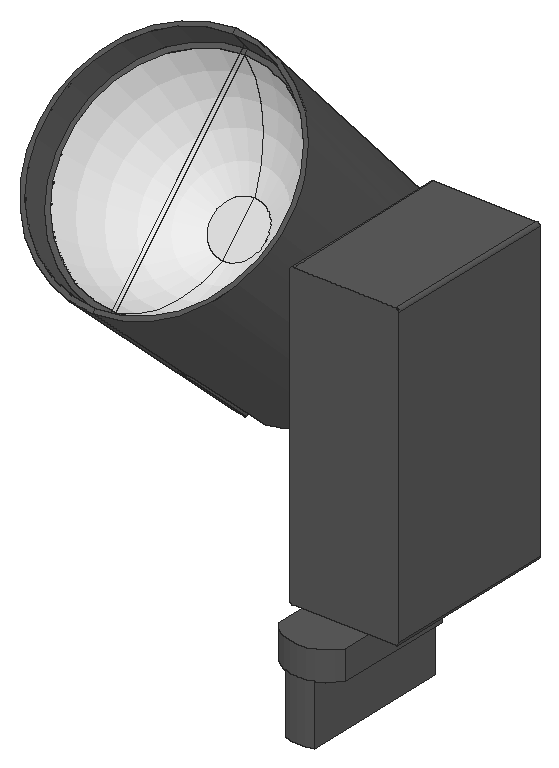
Revit family "0004943 Feilo Sylvania Lighting Fixture START TRACK SPOT L DALI 3306LM 930 MB BLK", category Lighting Fixtures, host Face, Revit 2017 (continued)
Definition of nested family "Start Track Spot Head"
  Types (96, lengths in mm): name | Wattage | built-in parameter 1150134 | Photometric Web File | Model | built-in parameter 1150105 | Lumens | built-in parameter 1150107 | built-in parameter 1150106 | HeadThickness_FEILO | HeadRibOffset_FEILO | HeadRibDepth_FEILO | HeadRibCutWidth_FEILO | HeadRibCutOffset_FEILO | HeadReflectorRadius_FEILO | HeadReflectorOffset_FEILO | HeadLEDRadius_FEILO | HeadHeight_FEILO | HeadDiffusorOffset_FEILO | HeadDiaOut_FEILO | HeadDiaIn_FEILO | HeadAxisFromTop_FEILO | Emit from Circle Diameter | built-in parameter 1150104 | Description | Apparent Load
    0004864 START TRACK SPOT S 24W 3K RA90 WB WHITE | 24 W | (empty or 0) | "0004864.ies" | "START TRACK SPOT S 24W 3K RA90 WB WHITE" | 152.79 (stored number, unit not read) | 1920 lm | 3000 (stored number, unit not read) | 1.5279 (stored number, unit not read) | 1.5 | 4.179 | 55.714 | 7.167 | 50.87 | 50.588 | 55.714 | 9.556 | 117 | 9.435 | 86 | 77.477 | 69.354 | 77.477 | 7.4322 (stored number, unit not read) | "Integrated LED spotlight, Textured White - RAL9016, compact and minimalist design, ideal for retail applications, die-cast aluminium body, passive cooling heatsink. Beam angle: 64°, color temperature: 3000K , total system power: 24W, total fixture output: 1928 lm, LOR: 100%, colour rendering: Ra: 90 typical, LED Chromaticity: 3 step MacAdam ellipse, lifetime: >50000 hours at L70B50, energy class: A++, A+, A, IR/UV free light source without heat radiation, operating voltage: 220-240V / 50-60Hz, drive current: 600mA, electronic driver, non-dimmable, power factor: 0.95, electrical protection: Class II, Global Track 3 Phase adapter suitable for Global trac 3-circuit tracks, ingress protection rating: IP20, suitable for internal environment only, horizontal rotation: 355°, vertical tilt: 90°, dimensions: Ø86x140x200, weight: 0.966kg." | 24 VA
    0004863 START TRACK SPOT S 24W 3K RA90 MB WHITE | 24 W | (empty or 0) | "0004863.ies" | "START TRACK SPOT S 24W 3K RA90 MB WHITE" | 154.7 (stored number, unit not read) | 1944 lm | 3000 (stored number, unit not read) | 1.547 (stored number, unit not read) | 1.5 | 4.179 | 55.714 | 7.167 | 50.87 | 50.588 | 55.714 | 9.556 | 117 | 9.435 | 86 | 77.477 | 69.354 | 77.477 | 7.5251 (stored number, unit not read) | "Integrated LED spotlight, Textured White - RAL9016, compact and minimalist design, ideal for retail applications, die-cast aluminium body, passive cooling heatsink. Beam angle: 36°, color temperature: 3000K , total system power: 24W, total fixture output: 1944 lm, LOR: 100%, colour rendering: Ra: 90 typical, LED Chromaticity: 3 step MacAdam ellipse, lifetime: >50000 hours at L70B50, energy class: A++, A+, A, IR/UV free light source without heat radiation, operating voltage: 220-240V / 50-60Hz, drive current: 600mA, electronic driver, non-dimmable, power factor: 0.95, electrical protection: Class II, Global Track 3 Phase adapter suitable for Global trac 3-circuit tracks, ingress protection rating: IP20, suitable for internal environment only, horizontal rotation: 355°, vertical tilt: 90°, dimensions: Ø86x140x200, weight: 0.966kg." | 24 VA
    0004862 START TRACK SPOT S 24W 3K RA90 NB WHITE | 24 W | (empty or 0) | "0004862.ies" | "START TRACK SPOT S 24W 3K RA90 NB WHITE" | 158.52 (stored number, unit not read) | 1992 lm | 3000 (stored number, unit not read) | 1.5852 (stored number, unit not read) | 1.5 | 4.179 | 55.714 | 7.167 | 50.87 | 50.588 | 55.714 | 9.556 | 117 | 9.435 | 86 | 77.477 | 69.354 | 77.477 | 7.711 (stored number, unit not read) | "Integrated LED spotlight, Textured White - RAL9016, compact and minimalist design, ideal for retail applications, die-cast aluminium body, passive cooling heatsink. Beam angle: 12°, color temperature: 3000K , total system power: 24W, total fixture output: 1987 lm, LOR: 100%, colour rendering: Ra: 90 typical, LED Chromaticity: 3 step MacAdam ellipse, lifetime: >50000 hours at L70B50, energy class: A++, A+, A, IR/UV free light source without heat radiation, operating voltage: 220-240V / 50-60Hz, drive current: 600mA, electronic driver, non-dimmable, power factor: 0.95, electrical protection: Class II, Global Track 3 Phase adapter suitable for Global trac 3-circuit tracks, ingress protection rating: IP20, suitable for internal environment only, horizontal rotation: 355°, vertical tilt: 90°, dimensions: Ø86x140x200, weight: 0.966kg." | 24 VA
    0004861 START TRACK SPOT S 14W 3K RA90 WB WHITE | 14 W | (empty or 0) | "0004861.ies" | "START TRACK SPOT S 14W 3K RA90 WB WHITE" | 100.27 (stored number, unit not read) | 1260 lm | 3000 (stored number, unit not read) | 1.0027 (stored number, unit not read) | 1.5 | 4.179 | 55.714 | 7.167 | 50.87 | 50.588 | 55.714 | 9.556 | 117 | 9.435 | 86 | 77.477 | 69.354 | 77.477 | 8.3613 (stored number, unit not read) | "Integrated LED spotlight, Textured White - RAL9016, compact and minimalist design, ideal for retail applications, die-cast aluminium body, passive cooling heatsink. Beam angle: 64°, color temperature: 3000K , total system power: 14W, total fixture output: 1262 lm, LOR: 100%, colour rendering: Ra: 90 typical, LED Chromaticity: 3 step MacAdam ellipse, lifetime: >50000 hours at L70B50, energy class: A++, A+, A, IR/UV free light source without heat radiation, operating voltage: 220-240V / 50-60Hz, drive current: 350mA, electronic driver, non-dimmable, power factor: 0.92, electrical protection: Class II, Global Track 3 Phase adapter suitable for Global trac 3-circuit tracks, ingress protection rating: IP20, suitable for internal environment only, horizontal rotation: 355°, vertical tilt: 90°, dimensions: Ø86x140x200, weight: 0.940kg." | 14 VA
    0004860 START TRACK SPOT S 14W 3K RA90 MB WHITE | 14 W | (empty or 0) | "0004860.ies" | "START TRACK SPOT S 14W 3K RA90 MB WHITE" | 100.27 (stored number, unit not read) | 1260 lm | 3000 (stored number, unit not read) | 1.0027 (stored number, unit not read) | 1.5 | 4.179 | 55.714 | 7.167 | 50.87 | 50.588 | 55.714 | 9.556 | 117 | 9.435 | 86 | 77.477 | 69.354 | 77.477 | 8.3613 (stored number, unit not read) | "Integrated LED spotlight, Textured White - RAL9016, compact and minimalist design, ideal for retail applications, die-cast aluminium body, passive cooling heatsink. Beam angle: 36°, color temperature: 3000K , total system power: 14W, total fixture output: 1262 lm, LOR: 100%, colour rendering: Ra: 90 typical, LED Chromaticity: 3 step MacAdam ellipse, lifetime: >50000 hours at L70B50, energy class: A++, A+, A, IR/UV free light source without heat radiation, operating voltage: 220-240V / 50-60Hz, drive current: 350mA, electronic driver, non-dimmable, power factor: 0.92, electrical protection: Class II, Global Track 3 Phase adapter suitable for Global trac 3-circuit tracks, ingress protection rating: IP20, suitable for internal environment only, horizontal rotation: 355°, vertical tilt: 90°, dimensions: Ø86x140x200, weight: 0.940kg." | 14 VA
    0004859 START TRACK SPOT S 14W 3K RA90 NB WHITE | 14 W | (empty or 0) | "0004859.ies" | "START TRACK SPOT S 14W 3K RA90 NB WHITE" | 102.5 (stored number, unit not read) | 1288 lm | 3000 (stored number, unit not read) | 1.025 (stored number, unit not read) | 1.5 | 4.179 | 55.714 | 7.167 | 50.87 | 50.588 | 55.714 | 9.556 | 117 | 9.435 | 86 | 77.477 | 69.354 | 77.477 | 8.5471 (stored number, unit not read) | "Integrated LED spotlight, Textured White - RAL9016, compact and minimalist design, ideal for retail applications, die-cast aluminium body, passive cooling heatsink. Beam angle: 12°, color temperature: 3000K , total system power: 14W, total fixture output: 1284 lm, LOR: 100%, colour rendering: Ra: 90 typical, LED Chromaticity: 3 step MacAdam ellipse, lifetime: >50000 hours at L70B50, energy class: A++, A+, A, IR/UV free light source without heat radiation, operating voltage: 220-240V / 50-60Hz, drive current: 350mA, electronic driver, non-dimmable, power factor: 0.92, electrical protection: Class II, Global Track 3 Phase adapter suitable for Global trac 3-circuit tracks, ingress protection rating: IP20, suitable for internal environment only, horizontal rotation: 355°, vertical tilt: 90°, dimensions: Ø86x140x200, weight: 0.940kg." | 14 VA
    0004858 START TRACK SPOT L 55W 4K RA80 WB BLACK | 55 W | 12 | "0004858.ies" | "START TRACK SPOT L 55W 4K RA80 WB BLACK" | 424.55 (stored number, unit not read) | 5335 lm | 4000 (stored number, unit not read) | 4.2455 (stored number, unit not read) | 2 | 4.429 | 59.048 | 9.417 | 53.913 | 66.471 | 59.048 | 12.556 | 124 | 10 | 113 | 101.802 | 73.503 | 101.802 | 9.0116 (stored number, unit not read) | "Integrated LED spotlight, Textured Black - RAL9005, compact and minimalist design, ideal for retail applications, die-cast aluminium body, passive cooling heatsink. Beam angle: 52°, color temperature: 4000K , total system power: 55W, total fixture output: 5320 lm, LOR: 100%, colour rendering: Ra: 80 typical, LED Chromaticity: 3 step MacAdam ellipse, lifetime: >50000 hours at L70B50, energy class: A++, A+, A, IR/UV free light source without heat radiation, operating voltage: 220-240V / 50-60Hz, drive current: 1400mA, electronic driver, non-dimmable, power factor: 0.96, electrical protection: Class II, Global Track 3 Phase adapter suitable for Global trac 3-circuit tracks, ingress protection rating: IP20, suitable for internal environment only, horizontal rotation: 355°, vertical tilt: 90°, dimensions: Ø113x164x240, weight: 1.398kg." | 55 VA
    0004857 START TRACK SPOT L 55W 4K RA80 MB BLACK | 55 W | 12 | "0004857.ies" | "START TRACK SPOT L 55W 4K RA80 MB BLACK" | 428.92 (stored number, unit not read) | 5390 lm | 4000 (stored number, unit not read) | 4.2892 (stored number, unit not read) | 2 | 4.429 | 59.048 | 9.417 | 53.913 | 66.471 | 59.048 | 12.556 | 124 | 10 | 113 | 101.802 | 73.503 | 101.802 | 9.1045 (stored number, unit not read) | "Integrated LED spotlight, Textured Black - RAL9005, compact and minimalist design, ideal for retail applications, die-cast aluminium body, passive cooling heatsink. Beam angle: 38°, color temperature: 4000K , total system power: 55W, total fixture output: 5378 lm, LOR: 100%, colour rendering: Ra: 80 typical, LED Chromaticity: 3 step MacAdam ellipse, lifetime: >50000 hours at L70B50, energy class: A++, A+, A, IR/UV free light source without heat radiation, operating voltage: 220-240V / 50-60Hz, drive current: 1400mA, electronic driver, non-dimmable, power factor: 0.96, electrical protection: Class II, Global Track 3 Phase adapter suitable for Global trac 3-circuit tracks, ingress protection rating: IP20, suitable for internal environment only, horizontal rotation: 355°, vertical tilt: 90°, dimensions: Ø113x164x240, weight: 1.398kg." | 55 VA
    0004856 START TRACK SPOT L 55W 4K RA80 NB BLACK | 55 W | 12 | "0004856.ies" | "START TRACK SPOT L 55W 4K RA80 NB BLACK" | 433.3 (stored number, unit not read) | 5445 lm | 4000 (stored number, unit not read) | 4.333 (stored number, unit not read) | 2 | 4.429 | 59.048 | 9.417 | 53.913 | 66.471 | 59.048 | 12.556 | 124 | 10 | 113 | 101.802 | 73.503 | 101.802 | 9.1974 (stored number, unit not read) | "Integrated LED spotlight, Textured Black - RAL9005, compact and minimalist design, ideal for retail applications, die-cast aluminium body, passive cooling heatsink. Beam angle: 15°, color temperature: 4000K , total system power: 55W, total fixture output: 5426 lm, LOR: 100%, colour rendering: Ra: 80 typical, LED Chromaticity: 3 step MacAdam ellipse, lifetime: >50000 hours at L70B50, energy class: A++, A+, A, IR/UV free light source without heat radiation, operating voltage: 220-240V / 50-60Hz, drive current: 1400mA, electronic driver, non-dimmable, power factor: 0.96, electrical protection: Class II, Global Track 3 Phase adapter suitable for Global trac 3-circuit tracks, ingress protection rating: IP20, suitable for internal environment only, horizontal rotation: 355°, vertical tilt: 90°, dimensions: Ø113x164x240, weight: 1.398kg." | 55 VA
    0004855 START TRACK SPOT L 35W 4K RA80 WB BLACK | 35 W | 12 | "0004855.ies" | "START TRACK SPOT L 35W 4K RA80 WB BLACK" | 320.3 (stored number, unit not read) | 4025 lm | 4000 (stored number, unit not read) | 3.203 (stored number, unit not read) | 2 | 4.429 | 59.048 | 9.417 | 53.913 | 66.471 | 59.048 | 12.556 | 124 | 10 | 113 | 101.802 | 73.503 | 101.802 | 10.684 (stored number, unit not read) | "Integrated LED spotlight, Textured Black - RAL9005, compact and minimalist design, ideal for retail applications, die-cast aluminium body, passive cooling heatsink. Beam angle: 52°, color temperature: 4000K , total system power: 35W, total fixture output: 4010 lm, LOR: 100%, colour rendering: Ra: 80 typical, LED Chromaticity: 3 step MacAdam ellipse, lifetime: >50000 hours at L70B50, energy class: A++, A+, A, IR/UV free light source without heat radiation, operating voltage: 220-240V / 50-60Hz, drive current: 900mA, electronic driver, non-dimmable, power factor: 0.93, electrical protection: Class II, Global Track 3 Phase adapter suitable for Global trac 3-circuit tracks, ingress protection rating: IP20, suitable for internal environment only, horizontal rotation: 355°, vertical tilt: 90°, dimensions: Ø113x164x240, weight: 1.368kg." | 35 VA
    0004854 START TRACK SPOT L 35W 4K RA80 MB BLACK | 35 W | 12 | "0004854.ies" | "START TRACK SPOT L 35W 4K RA80 MB BLACK" | 320.3 (stored number, unit not read) | 4025 lm | 4000 (stored number, unit not read) | 3.203 (stored number, unit not read) | 2 | 4.429 | 59.048 | 9.417 | 53.913 | 66.471 | 59.048 | 12.556 | 124 | 10 | 113 | 101.802 | 73.503 | 101.802 | 10.684 (stored number, unit not read) | "Integrated LED spotlight, Textured Black - RAL9005, compact and minimalist design, ideal for retail applications, die-cast aluminium body, passive cooling heatsink. Beam angle: 38°, color temperature: 4000K , total system power: 35W, total fixture output: 4017 lm, LOR: 100%, colour rendering: Ra: 80 typical, LED Chromaticity: 3 step MacAdam ellipse, lifetime: >50000 hours at L70B50, energy class: A++, A+, A, IR/UV free light source without heat radiation, operating voltage: 220-240V / 50-60Hz, drive current: 900mA, electronic driver, non-dimmable, power factor: 0.93, electrical protection: Class II, Global Track 3 Phase adapter suitable for Global trac 3-circuit tracks, ingress protection rating: IP20, suitable for internal environment only, horizontal rotation: 355°, vertical tilt: 90°, dimensions: Ø113x164x240, weight: 1.368kg." | 35 VA
    0004853 START TRACK SPOT L 35W 4K RA80 NB BLACK | 35 W | 12 | "0004853.ies" | "START TRACK SPOT L 35W 4K RA80 NB BLACK" | 331.44 (stored number, unit not read) | 4165 lm | 4000 (stored number, unit not read) | 3.3144 (stored number, unit not read) | 2 | 4.429 | 59.048 | 9.417 | 53.913 | 66.471 | 59.048 | 12.556 | 124 | 10 | 113 | 101.802 | 73.503 | 101.802 | 11.055 (stored number, unit not read) | "Integrated LED spotlight, Textured Black - RAL9005, compact and minimalist design, ideal for retail applications, die-cast aluminium body, passive cooling heatsink. Beam angle: 15°, color temperature: 4000K , total system power: 35W, total fixture output: 4174 lm, LOR: 100%, colour rendering: Ra: 80 typical, LED Chromaticity: 3 step MacAdam ellipse, lifetime: >50000 hours at L70B50, energy class: A++, A+, A, IR/UV free light source without heat radiation, operating voltage: 220-240V / 50-60Hz, drive current: 900mA, electronic driver, non-dimmable, power factor: 0.93, electrical protection: Class II, Global Track 3 Phase adapter suitable for Global trac 3-circuit tracks, ingress protection rating: IP20, suitable for internal environment only, horizontal rotation: 355°, vertical tilt: 90°, dimensions: Ø113x164x240, weight: 1.368kg." | 35 VA
    0004852 START TRACK SPOT S 24W 4K RA80 WB BLACK | 24 W | 12 | "0004852.ies" | "START TRACK SPOT S 24W 4K RA80 WB BLACK" | 196.72 (stored number, unit not read) | 2472 lm | 4000 (stored number, unit not read) | 1.9672 (stored number, unit not read) | 1.5 | 4.179 | 55.714 | 7.167 | 50.87 | 50.588 | 55.714 | 9.556 | 117 | 9.435 | 86 | 77.477 | 69.354 | 77.477 | 9.569 (stored number, unit not read) | "Integrated LED spotlight, Textured Black - RAL9005, compact and minimalist design, ideal for retail applications, die-cast aluminium body, passive cooling heatsink. Beam angle: 64°, color temperature: 4000K , total system power: 24W, total fixture output: 2476 lm, LOR: 100%, colour rendering: Ra: 80 typical, LED Chromaticity: 3 step MacAdam ellipse, lifetime: >50000 hours at L70B50, energy class: A++, A+, A, IR/UV free light source without heat radiation, operating voltage: 220-240V / 50-60Hz, drive current: 600mA, electronic driver, non-dimmable, power factor: 0.95, electrical protection: Class II, Global Track 3 Phase adapter suitable for Global trac 3-circuit tracks, ingress protection rating: IP20, suitable for internal environment only, horizontal rotation: 355°, vertical tilt: 90°, dimensions: Ø86x140x200, weight: 0.966kg." | 24 VA
    0004851 START TRACK SPOT S 24W 4K RA80 MB BLACK | 24 W | 12 | "0004851.ies" | "START TRACK SPOT S 24W 4K RA80 MB BLACK" | 198.63 (stored number, unit not read) | 2496 lm | 4000 (stored number, unit not read) | 1.9863 (stored number, unit not read) | 1.5 | 4.179 | 55.714 | 7.167 | 50.87 | 50.588 | 55.714 | 9.556 | 117 | 9.435 | 86 | 77.477 | 69.354 | 77.477 | 9.6619 (stored number, unit not read) | "Integrated LED spotlight, Textured Black - RAL9005, compact and minimalist design, ideal for retail applications, die-cast aluminium body, passive cooling heatsink. Beam angle: 36°, color temperature: 4000K , total system power: 24W, total fixture output: 2487 lm, LOR: 100%, colour rendering: Ra: 80 typical, LED Chromaticity: 3 step MacAdam ellipse, lifetime: >50000 hours at L70B50, energy class: A++, A+, A, IR/UV free light source without heat radiation, operating voltage: 220-240V / 50-60Hz, drive current: 600mA, electronic driver, non-dimmable, power factor: 0.95, electrical protection: Class II, Global Track 3 Phase adapter suitable for Global trac 3-circuit tracks, ingress protection rating: IP20, suitable for internal environment only, horizontal rotation: 355°, vertical tilt: 90°, dimensions: Ø86x140x200, weight: 0.966kg." | 24 VA
    0004850 START TRACK SPOT S 24W 4K RA80 NB BLACK | 24 W | 12 | "0004850.ies" | "START TRACK SPOT S 24W 4K RA80 NB BLACK" | 200.54 (stored number, unit not read) | 2520 lm | 4000 (stored number, unit not read) | 2.0054 (stored number, unit not read) | 1.5 | 4.179 | 55.714 | 7.167 | 50.87 | 50.588 | 55.714 | 9.556 | 117 | 9.435 | 86 | 77.477 | 69.354 | 77.477 | 9.7548 (stored number, unit not read) | "Integrated LED spotlight, Textured Black - RAL9005, compact and minimalist design, ideal for retail applications, die-cast aluminium body, passive cooling heatsink. Beam angle: 12°, color temperature: 4000K , total system power: 24W, total fixture output: 2529 lm, LOR: 100%, colour rendering: Ra: 80 typical, LED Chromaticity: 3 step MacAdam ellipse, lifetime: >50000 hours at L70B50, energy class: A++, A+, A, IR/UV free light source without heat radiation, operating voltage: 220-240V / 50-60Hz, drive current: 600mA, electronic driver, non-dimmable, power factor: 0.95, electrical protection: Class II, Global Track 3 Phase adapter suitable for Global trac 3-circuit tracks, ingress protection rating: IP20, suitable for internal environment only, horizontal rotation: 355°, vertical tilt: 90°, dimensions: Ø86x140x200, weight: 0.966kg." | 24 VA
    0004849 START TRACK SPOT S 14W 4K RA80 WB BLACK | 14 W | 12 | "0004849.ies" | "START TRACK SPOT S 14W 4K RA80 WB BLACK" | 123.66 (stored number, unit not read) | 1554 lm | 4000 (stored number, unit not read) | 1.2366 (stored number, unit not read) | 1.5 | 4.179 | 55.714 | 7.167 | 50.87 | 50.588 | 55.714 | 9.556 | 117 | 9.435 | 86 | 77.477 | 69.354 | 77.477 | 10.312 (stored number, unit not read) | "Integrated LED spotlight, Textured Black - RAL9005, compact and minimalist design, ideal for retail applications, die-cast aluminium body, passive cooling heatsink. Beam angle: 64°, color temperature: 4000K , total system power: 14W, total fixture output: 1558 lm, LOR: 100%, colour rendering: Ra: 80 typical, LED Chromaticity: 3 step MacAdam ellipse, lifetime: >50000 hours at L70B50, energy class: A++, A+, A, IR/UV free light source without heat radiation, operating voltage: 220-240V / 50-60Hz, drive current: 350mA, electronic driver, non-dimmable, power factor: 0.92, electrical protection: Class II, Global Track 3 Phase adapter suitable for Global trac 3-circuit tracks, ingress protection rating: IP20, suitable for internal environment only, horizontal rotation: 355°, vertical tilt: 90°, dimensions: Ø86x140x200, weight: 0.940kg." | 14 VA
    0004848 START TRACK SPOT S 14W 4K RA80 MB BLACK | 14 W | 12 | "0004848.ies" | "START TRACK SPOT S 14W 4K RA80 MB BLACK" | 127.01 (stored number, unit not read) | 1596 lm | 4000 (stored number, unit not read) | 1.2701 (stored number, unit not read) | 1.5 | 4.179 | 55.714 | 7.167 | 50.87 | 50.588 | 55.714 | 9.556 | 117 | 9.435 | 86 | 77.477 | 69.354 | 77.477 | 10.591 (stored number, unit not read) | "Integrated LED spotlight, Textured Black - RAL9005, compact and minimalist design, ideal for retail applications, die-cast aluminium body, passive cooling heatsink. Beam angle: 36°, color temperature: 4000K , total system power: 14W, total fixture output: 1598 lm, LOR: 100%, colour rendering: Ra: 80 typical, LED Chromaticity: 3 step MacAdam ellipse, lifetime: >50000 hours at L70B50, energy class: A++, A+, A, IR/UV free light source without heat radiation, operating voltage: 220-240V / 50-60Hz, drive current: 350mA, electronic driver, non-dimmable, power factor: 0.92, electrical protection: Class II, Global Track 3 Phase adapter suitable for Global trac 3-circuit tracks, ingress protection rating: IP20, suitable for internal environment only, horizontal rotation: 355°, vertical tilt: 90°, dimensions: Ø86x140x200, weight: 0.940kg." | 14 VA
    0004847 START TRACK SPOT S 14W 4K RA80 NB BLACK | 14 W | 12 | "0004847.ies" | "START TRACK SPOT S 14W 4K RA80 NB BLACK" | 128.12 (stored number, unit not read) | 1610 lm | 4000 (stored number, unit not read) | 1.2812 (stored number, unit not read) | 1.5 | 4.179 | 55.714 | 7.167 | 50.87 | 50.588 | 55.714 | 9.556 | 117 | 9.435 | 86 | 77.477 | 69.354 | 77.477 | 10.684 (stored number, unit not read) | "Integrated LED spotlight, Textured Black - RAL9005, compact and minimalist design, ideal for retail applications, die-cast aluminium body, passive cooling heatsink. Beam angle: 12°, color temperature: 4000K , total system power: 14W, total fixture output: 1608 lm, LOR: 100%, colour rendering: Ra: 80 typical, LED Chromaticity: 3 step MacAdam ellipse, lifetime: >50000 hours at L70B50, energy class: A++, A+, A, IR/UV free light source without heat radiation, operating voltage: 220-240V / 50-60Hz, drive current: 350mA, electronic driver, non-dimmable, power factor: 0.92, electrical protection: Class II, Global Track 3 Phase adapter suitable for Global trac 3-circuit tracks, ingress protection rating: IP20, suitable for internal environment only, horizontal rotation: 355°, vertical tilt: 90°, dimensions: Ø86x140x200, weight: 0.940kg." | 14 VA
    0004846 START TRACK SPOT L 55W 3K RA80 WB BLACK | 55 W | (empty or 0) | "0004846.ies" | "START TRACK SPOT L 55W 3K RA80 WB BLACK" | 420.17 (stored number, unit not read) | 5280 lm | 3000 (stored number, unit not read) | 4.2017 (stored number, unit not read) | 2 | 4.429 | 59.048 | 9.417 | 53.913 | 66.471 | 59.048 | 12.556 | 124 | 10 | 113 | 101.802 | 73.503 | 101.802 | 8.9187 (stored number, unit not read) | "Integrated LED spotlight, Textured Black - RAL9005, compact and minimalist design, ideal for retail applications, die-cast aluminium body, passive cooling heatsink. Beam angle: 52°, color temperature: 3000K , total system power: 55W, total fixture output: 5298 lm, LOR: 100%, colour rendering: Ra: 80 typical, LED Chromaticity: 3 step MacAdam ellipse, lifetime: >50000 hours at L70B50, energy class: A++, A+, A, IR/UV free light source without heat radiation, operating voltage: 220-240V / 50-60Hz, drive current: 1400mA, electronic driver, non-dimmable, power factor: 0.96, electrical protection: Class II, Global Track 3 Phase adapter suitable for Global trac 3-circuit tracks, ingress protection rating: IP20, suitable for internal environment only, horizontal rotation: 355°, vertical tilt: 90°, dimensions: Ø113x164x240, weight: 1.398kg." | 55 VA
    0004845 START TRACK SPOT L 55W 3K RA80 MB BLACK | 55 W | (empty or 0) | "0004845.ies" | "START TRACK SPOT L 55W 3K RA80 MB BLACK" | 428.92 (stored number, unit not read) | 5390 lm | 3000 (stored number, unit not read) | 4.2892 (stored number, unit not read) | 2 | 4.429 | 59.048 | 9.417 | 53.913 | 66.471 | 59.048 | 12.556 | 124 | 10 | 113 | 101.802 | 73.503 | 101.802 | 9.1045 (stored number, unit not read) | "Integrated LED spotlight, Textured Black - RAL9005, compact and minimalist design, ideal for retail applications, die-cast aluminium body, passive cooling heatsink. Beam angle: 38°, color temperature: 3000K , total system power: 55W, total fixture output: 5381 lm, LOR: 100%, colour rendering: Ra: 80 typical, LED Chromaticity: 3 step MacAdam ellipse, lifetime: >50000 hours at L70B50, energy class: A++, A+, A, IR/UV free light source without heat radiation, operating voltage: 220-240V / 50-60Hz, drive current: 1400mA, electronic driver, non-dimmable, power factor: 0.96, electrical protection: Class II, Global Track 3 Phase adapter suitable for Global trac 3-circuit tracks, ingress protection rating: IP20, suitable for internal environment only, horizontal rotation: 355°, vertical tilt: 90°, dimensions: Ø113x164x240, weight: 1.398kg." | 55 VA
    0004844 START TRACK SPOT L 55W 3K RA80 NB BLACK | 55 W | (empty or 0) | "0004844.ies" | "START TRACK SPOT L 55W 3K RA80 NB BLACK" | 433.3 (stored number, unit not read) | 5445 lm | 3000 (stored number, unit not read) | 4.333 (stored number, unit not read) | 2 | 4.429 | 59.048 | 9.417 | 53.913 | 66.471 | 59.048 | 12.556 | 124 | 10 | 113 | 101.802 | 73.503 | 101.802 | 9.1974 (stored number, unit not read) | "Integrated LED spotlight, Textured Black - RAL9005, compact and minimalist design, ideal for retail applications, die-cast aluminium body, passive cooling heatsink. Beam angle: 15°, color temperature: 3000K , total system power: 55W, total fixture output: 5449 lm, LOR: 100%, colour rendering: Ra: 80 typical, LED Chromaticity: 3 step MacAdam ellipse, lifetime: >50000 hours at L70B50, energy class: A++, A+, A, IR/UV free light source without heat radiation, operating voltage: 220-240V / 50-60Hz, drive current: 1400mA, electronic driver, non-dimmable, power factor: 0.96, electrical protection: Class II, Global Track 3 Phase adapter suitable for Global trac 3-circuit tracks, ingress protection rating: IP20, suitable for internal environment only, horizontal rotation: 355°, vertical tilt: 90°, dimensions: Ø113x164x240, weight: 1.398kg." | 55 VA
    0004843 START TRACK SPOT L 35W 3K RA80 WB BLACK | 35 W | (empty or 0) | "0004843.ies" | "START TRACK SPOT L 35W 3K RA80 WB BLACK" | 314.73 (stored number, unit not read) | 3955 lm | 3000 (stored number, unit not read) | 3.1473 (stored number, unit not read) | 2 | 4.429 | 59.048 | 9.417 | 53.913 | 66.471 | 59.048 | 12.556 | 124 | 10 | 113 | 101.802 | 73.503 | 101.802 | 10.498 (stored number, unit not read) | "Integrated LED spotlight, Textured Black - RAL9005, compact and minimalist design, ideal for retail applications, die-cast aluminium body, passive cooling heatsink. Beam angle: 52°, color temperature: 3000K , total system power: 35W, total fixture output: 3943 lm, LOR: 100%, colour rendering: Ra: 80 typical, LED Chromaticity: 3 step MacAdam ellipse, lifetime: >50000 hours at L70B50, energy class: A++, A+, A, IR/UV free light source without heat radiation, operating voltage: 220-240V / 50-60Hz, drive current: 900mA, electronic driver, non-dimmable, power factor: 0.93, electrical protection: Class II, Global Track 3 Phase adapter suitable for Global trac 3-circuit tracks, ingress protection rating: IP20, suitable for internal environment only, horizontal rotation: 355°, vertical tilt: 90°, dimensions: Ø113x164x240, weight: 1.368kg." | 35 VA
    0004842 START TRACK SPOT L 35W 3K RA80 MB BLACK | 35 W | (empty or 0) | "0004842.ies" | "START TRACK SPOT L 35W 3K RA80 MB BLACK" | 320.3 (stored number, unit not read) | 4025 lm | 3000 (stored number, unit not read) | 3.203 (stored number, unit not read) | 2 | 4.429 | 59.048 | 9.417 | 53.913 | 66.471 | 59.048 | 12.556 | 124 | 10 | 113 | 101.802 | 73.503 | 101.802 | 10.684 (stored number, unit not read) | "Integrated LED spotlight, Textured Black - RAL9005, compact and minimalist design, ideal for retail applications, die-cast aluminium body, passive cooling heatsink. Beam angle: 38°, color temperature: 3000K , total system power: 35W, total fixture output: 4008 lm, LOR: 100%, colour rendering: Ra: 80 typical, LED Chromaticity: 3 step MacAdam ellipse, lifetime: >50000 hours at L70B50, energy class: A++, A+, A, IR/UV free light source without heat radiation, operating voltage: 220-240V / 50-60Hz, drive current: 900mA, electronic driver, non-dimmable, power factor: 0.93, electrical protection: Class II, Global Track 3 Phase adapter suitable for Global trac 3-circuit tracks, ingress protection rating: IP20, suitable for internal environment only, horizontal rotation: 355°, vertical tilt: 90°, dimensions: Ø113x164x240, weight: 1.368kg." | 35 VA
    0004841 START TRACK SPOT L 35W 3K RA80 NB BLACK | 35 W | (empty or 0) | "0004841.ies" | "START TRACK SPOT L 35W 3K RA80 NB BLACK" | 317.51 (stored number, unit not read) | 3990 lm | 3000 (stored number, unit not read) | 3.1751 (stored number, unit not read) | 2 | 4.429 | 59.048 | 9.417 | 53.913 | 66.471 | 59.048 | 12.556 | 124 | 10 | 113 | 101.802 | 73.503 | 101.802 | 10.591 (stored number, unit not read) | "Integrated LED spotlight, Textured Black - RAL9005, compact and minimalist design, ideal for retail applications, die-cast aluminium body, passive cooling heatsink. Beam angle: 15°, color temperature: 3000K , total system power: 35W, total fixture output: 4005 lm, LOR: 100%, colour rendering: Ra: 80 typical, LED Chromaticity: 3 step MacAdam ellipse, lifetime: >50000 hours at L70B50, energy class: A++, A+, A, IR/UV free light source without heat radiation, operating voltage: 220-240V / 50-60Hz, drive current: 900mA, electronic driver, non-dimmable, power factor: 0.93, electrical protection: Class II, Global Track 3 Phase adapter suitable for Global trac 3-circuit tracks, ingress protection rating: IP20, suitable for internal environment only, horizontal rotation: 355°, vertical tilt: 90°, dimensions: Ø113x164x240, weight: 1.368kg." | 35 VA
    0004840 START TRACK SPOT S 24W 3K RA80 WB BLACK | 24 W | (empty or 0) | "0004840.ies" | "START TRACK SPOT S 24W 3K RA80 WB BLACK" | 185.26 (stored number, unit not read) | 2328 lm | 3000 (stored number, unit not read) | 1.8526 (stored number, unit not read) | 1.5 | 4.179 | 55.714 | 7.167 | 50.87 | 50.588 | 55.714 | 9.556 | 117 | 9.435 | 86 | 77.477 | 69.354 | 77.477 | 9.0116 (stored number, unit not read) | "Integrated LED spotlight, Textured Black - RAL9005, compact and minimalist design, ideal for retail applications, die-cast aluminium body, passive cooling heatsink. Beam angle: 64°, color temperature: 3000K , total system power: 24W, total fixture output: 2318 lm, LOR: 100%, colour rendering: Ra: 80 typical, LED Chromaticity: 3 step MacAdam ellipse, lifetime: >50000 hours at L70B50, energy class: A++, A+, A, IR/UV free light source without heat radiation, operating voltage: 220-240V / 50-60Hz, drive current: 600mA, electronic driver, non-dimmable, power factor: 0.95, electrical protection: Class II, Global Track 3 Phase adapter suitable for Global trac 3-circuit tracks, ingress protection rating: IP20, suitable for internal environment only, horizontal rotation: 355°, vertical tilt: 90°, dimensions: Ø86x140x200, weight: 0.966kg." | 24 VA
    0004839 START TRACK SPOT S 24W 3K RA80 MB BLACK | 24 W | (empty or 0) | "0004839.ies" | "START TRACK SPOT S 24W 3K RA80 MB BLACK" | 183.35 (stored number, unit not read) | 2304 lm | 3000 (stored number, unit not read) | 1.8335 (stored number, unit not read) | 1.5 | 4.179 | 55.714 | 7.167 | 50.87 | 50.588 | 55.714 | 9.556 | 117 | 9.435 | 86 | 77.477 | 69.354 | 77.477 | 8.9187 (stored number, unit not read) | "Integrated LED spotlight, Textured Black - RAL9005, compact and minimalist design, ideal for retail applications, die-cast aluminium body, passive cooling heatsink. Beam angle: 36°, color temperature: 3000K , total system power: 24W, total fixture output: 2314 lm, LOR: 100%, colour rendering: Ra: 80 typical, LED Chromaticity: 3 step MacAdam ellipse, lifetime: >50000 hours at L70B50, energy class: A++, A+, A, IR/UV free light source without heat radiation, operating voltage: 220-240V / 50-60Hz, drive current: 600mA, electronic driver, non-dimmable, power factor: 0.95, electrical protection: Class II, Global Track 3 Phase adapter suitable for Global trac 3-circuit tracks, ingress protection rating: IP20, suitable for internal environment only, horizontal rotation: 355°, vertical tilt: 90°, dimensions: Ø86x140x200, weight: 0.966kg." | 24 VA
    0004838 START TRACK SPOT S 24W 3K RA80 NB BLACK | 24 W | (empty or 0) | "0004838.ies" | "START TRACK SPOT S 24W 3K RA80 NB BLACK" | 185.26 (stored number, unit not read) | 2328 lm | 3000 (stored number, unit not read) | 1.8526 (stored number, unit not read) | 1.5 | 4.179 | 55.714 | 7.167 | 50.87 | 50.588 | 55.714 | 9.556 | 117 | 9.435 | 86 | 77.477 | 69.354 | 77.477 | 9.0116 (stored number, unit not read) | "Integrated LED spotlight, Textured Black - RAL9005, compact and minimalist design, ideal for retail applications, die-cast aluminium body, passive cooling heatsink. Beam angle: 12°, color temperature: 3000K , total system power: 24W, total fixture output: 2334 lm, LOR: 100%, colour rendering: Ra: 80 typical, LED Chromaticity: 3 step MacAdam ellipse, lifetime: >50000 hours at L70B50, energy class: A++, A+, A, IR/UV free light source without heat radiation, operating voltage: 220-240V / 50-60Hz, drive current: 600mA, electronic driver, non-dimmable, power factor: 0.95, electrical protection: Class II, Global Track 3 Phase adapter suitable for Global trac 3-circuit tracks, ingress protection rating: IP20, suitable for internal environment only, horizontal rotation: 355°, vertical tilt: 90°, dimensions: Ø86x140x200, weight: 0.966kg." | 24 VA
    0004837 START TRACK SPOT S 14W 3K RA80 WB BLACK | 14 W | (empty or 0) | "0004837.ies" | "START TRACK SPOT S 14W 3K RA80 WB BLACK" | 119.21 (stored number, unit not read) | 1498 lm | 3000 (stored number, unit not read) | 1.1921 (stored number, unit not read) | 1.5 | 4.179 | 55.714 | 7.167 | 50.87 | 50.588 | 55.714 | 9.556 | 117 | 9.435 | 86 | 77.477 | 69.354 | 77.477 | 9.9406 (stored number, unit not read) | "Integrated LED spotlight, Textured Black - RAL9005, compact and minimalist design, ideal for retail applications, die-cast aluminium body, passive cooling heatsink. Beam angle: 64°, color temperature: 3000K , total system power: 14W, total fixture output: 1498 lm, LOR: 100%, colour rendering: Ra: 80 typical, LED Chromaticity: 3 step MacAdam ellipse, lifetime: >50000 hours at L70B50, energy class: A++, A+, A, IR/UV free light source without heat radiation, operating voltage: 220-240V / 50-60Hz, drive current: 350mA, electronic driver, non-dimmable, power factor: 0.92, electrical protection: Class II, Global Track 3 Phase adapter suitable for Global trac 3-circuit tracks, ingress protection rating: IP20, suitable for internal environment only, horizontal rotation: 355°, vertical tilt: 90°, dimensions: Ø86x140x200, weight: 0.940kg." | 14 VA
    0004836 START TRACK SPOT S 14W 3K RA80 MB BLACK | 14 W | (empty or 0) | "0004836.ies" | "START TRACK SPOT S 14W 3K RA80 MB BLACK" | 120.32 (stored number, unit not read) | 1512 lm | 3000 (stored number, unit not read) | 1.2032 (stored number, unit not read) | 1.5 | 4.179 | 55.714 | 7.167 | 50.87 | 50.588 | 55.714 | 9.556 | 117 | 9.435 | 86 | 77.477 | 69.354 | 77.477 | 10.034 (stored number, unit not read) | "Integrated LED spotlight, Textured Black - RAL9005, compact and minimalist design, ideal for retail applications, die-cast aluminium body, passive cooling heatsink. Beam angle: 36°, color temperature: 3000K , total system power: 14W, total fixture output: 1508 lm, LOR: 100%, colour rendering: Ra: 80 typical, LED Chromaticity: 3 step MacAdam ellipse, lifetime: >50000 hours at L70B50, energy class: A++, A+, A, IR/UV free light source without heat radiation, operating voltage: 220-240V / 50-60Hz, drive current: 350mA, electronic driver, non-dimmable, power factor: 0.92, electrical protection: Class II, Global Track 3 Phase adapter suitable for Global trac 3-circuit tracks, ingress protection rating: IP20, suitable for internal environment only, horizontal rotation: 355°, vertical tilt: 90°, dimensions: Ø86x140x200, weight: 0.940kg." | 14 VA
    0004835 START TRACK SPOT S 14W 3K RA80 NB BLACK | 14 W | (empty or 0) | "0004835.ies" | "START TRACK SPOT S 14W 3K RA80 NB BLACK" | 123.66 (stored number, unit not read) | 1554 lm | 3000 (stored number, unit not read) | 1.2366 (stored number, unit not read) | 1.5 | 4.179 | 55.714 | 7.167 | 50.87 | 50.588 | 55.714 | 9.556 | 117 | 9.435 | 86 | 77.477 | 69.354 | 77.477 | 10.312 (stored number, unit not read) | "Integrated LED spotlight, Textured Black - RAL9005, compact and minimalist design, ideal for retail applications, die-cast aluminium body, passive cooling heatsink. Beam angle: 12°, color temperature: 3000K , total system power: 14W, total fixture output: 1551 lm, LOR: 100%, colour rendering: Ra: 80 typical, LED Chromaticity: 3 step MacAdam ellipse, lifetime: >50000 hours at L70B50, energy class: A++, A+, A, IR/UV free light source without heat radiation, operating voltage: 220-240V / 50-60Hz, drive current: 350mA, electronic driver, non-dimmable, power factor: 0.92, electrical protection: Class II, Global Track 3 Phase adapter suitable for Global trac 3-circuit tracks, ingress protection rating: IP20, suitable for internal environment only, horizontal rotation: 355°, vertical tilt: 90°, dimensions: Ø86x140x200, weight: 0.940kg." | 14 VA
    0004834 START TRACK SPOT L 55W 4K RA80 WB WHITE | 55 W | 12 | "0004834.ies" | "START TRACK SPOT L 55W 4K RA80 WB WHITE" | 424.55 (stored number, unit not read) | 5335 lm | 4000 (stored number, unit not read) | 4.2455 (stored number, unit not read) | 2 | 4.429 | 59.048 | 9.417 | 53.913 | 66.471 | 59.048 | 12.556 | 124 | 10 | 113 | 101.802 | 73.503 | 101.802 | 9.0116 (stored number, unit not read) | "Integrated LED spotlight, Textured White - RAL9016, compact and minimalist design, ideal for retail applications, die-cast aluminium body, passive cooling heatsink. Beam angle: 52°, color temperature: 4000K , total system power: 55W, total fixture output: 5320 lm, LOR: 100%, colour rendering: Ra: 80 typical, LED Chromaticity: 3 step MacAdam ellipse, lifetime: >50000 hours at L70B50, energy class: A++, A+, A, IR/UV free light source without heat radiation, operating voltage: 220-240V / 50-60Hz, drive current: 1400mA, electronic driver, non-dimmable, power factor: 0.96, electrical protection: Class II, Global Track 3 Phase adapter suitable for Global trac 3-circuit tracks, ingress protection rating: IP20, suitable for internal environment only, horizontal rotation: 355°, vertical tilt: 90°, dimensions: Ø113x164x240, weight: 1.398kg." | 55 VA
    0004833 START TRACK SPOT L 55W 4K RA80 MB WHITE | 55 W | 12 | "0004833.ies" | "START TRACK SPOT L 55W 4K RA80 MB WHITE" | 428.92 (stored number, unit not read) | 5390 lm | 4000 (stored number, unit not read) | 4.2892 (stored number, unit not read) | 2 | 4.429 | 59.048 | 9.417 | 53.913 | 66.471 | 59.048 | 12.556 | 124 | 10 | 113 | 101.802 | 73.503 | 101.802 | 9.1045 (stored number, unit not read) | "Integrated LED spotlight, Textured White - RAL9016, compact and minimalist design, ideal for retail applications, die-cast aluminium body, passive cooling heatsink. Beam angle: 38°, color temperature: 4000K , total system power: 55W, total fixture output: 5378 lm, LOR: 100%, colour rendering: Ra: 80 typical, LED Chromaticity: 3 step MacAdam ellipse, lifetime: >50000 hours at L70B50, energy class: A++, A+, A, IR/UV free light source without heat radiation, operating voltage: 220-240V / 50-60Hz, drive current: 1400mA, electronic driver, non-dimmable, power factor: 0.96, electrical protection: Class II, Global Track 3 Phase adapter suitable for Global trac 3-circuit tracks, ingress protection rating: IP20, suitable for internal environment only, horizontal rotation: 355°, vertical tilt: 90°, dimensions: Ø113x164x240, weight: 1.398kg." | 55 VA
    0004832 START TRACK SPOT L 55W 4K RA80 NB WHITE | 55 W | 12 | "0004832.ies" | "START TRACK SPOT L 55W 4K RA80 NB WHITE" | 433.3 (stored number, unit not read) | 5445 lm | 4000 (stored number, unit not read) | 4.333 (stored number, unit not read) | 2 | 4.429 | 59.048 | 9.417 | 53.913 | 66.471 | 59.048 | 12.556 | 124 | 10 | 113 | 101.802 | 73.503 | 101.802 | 9.1974 (stored number, unit not read) | "Integrated LED spotlight, Textured White - RAL9016, compact and minimalist design, ideal for retail applications, die-cast aluminium body, passive cooling heatsink. Beam angle: 15°, color temperature: 4000K , total system power: 55W, total fixture output: 5426 lm, LOR: 100%, colour rendering: Ra: 80 typical, LED Chromaticity: 3 step MacAdam ellipse, lifetime: >50000 hours at L70B50, energy class: A++, A+, A, IR/UV free light source without heat radiation, operating voltage: 220-240V / 50-60Hz, drive current: 1400mA, electronic driver, non-dimmable, power factor: 0.96, electrical protection: Class II, Global Track 3 Phase adapter suitable for Global trac 3-circuit tracks, ingress protection rating: IP20, suitable for internal environment only, horizontal rotation: 355°, vertical tilt: 90°, dimensions: Ø113x164x240, weight: 1.398kg." | 55 VA
    0004831 START TRACK SPOT L 35W 4K RA80 WB WHITE | 35 W | 12 | "0004831.ies" | "START TRACK SPOT L 35W 4K RA80 WB WHITE" | 320.3 (stored number, unit not read) | 4025 lm | 4000 (stored number, unit not read) | 3.203 (stored number, unit not read) | 2 | 4.429 | 59.048 | 9.417 | 53.913 | 66.471 | 59.048 | 12.556 | 124 | 10 | 113 | 101.802 | 73.503 | 101.802 | 10.684 (stored number, unit not read) | "Integrated LED spotlight, Textured White - RAL9016, compact and minimalist design, ideal for retail applications, die-cast aluminium body, passive cooling heatsink. Beam angle: 52°, color temperature: 4000K , total system power: 35W, total fixture output: 4010 lm, LOR: 100%, colour rendering: Ra: 80 typical, LED Chromaticity: 3 step MacAdam ellipse, lifetime: >50000 hours at L70B50, energy class: A++, A+, A, IR/UV free light source without heat radiation, operating voltage: 220-240V / 50-60Hz, drive current: 900mA, electronic driver, non-dimmable, power factor: 0.93, electrical protection: Class II, Global Track 3 Phase adapter suitable for Global trac 3-circuit tracks, ingress protection rating: IP20, suitable for internal environment only, horizontal rotation: 355°, vertical tilt: 90°, dimensions: Ø113x164x240, weight: 1.368kg." | 35 VA
    0004830 START TRACK SPOT L 35W 4K RA80 MB WHITE | 35 W | 12 | "0004830.ies" | "START TRACK SPOT L 35W 4K RA80 MB WHITE" | 320.3 (stored number, unit not read) | 4025 lm | 4000 (stored number, unit not read) | 3.203 (stored number, unit not read) | 2 | 4.429 | 59.048 | 9.417 | 53.913 | 66.471 | 59.048 | 12.556 | 124 | 10 | 113 | 101.802 | 73.503 | 101.802 | 10.684 (stored number, unit not read) | "Integrated LED spotlight, Textured White - RAL9016, compact and minimalist design, ideal for retail applications, die-cast aluminium body, passive cooling heatsink. Beam angle: 38°, color temperature: 4000K , total system power: 35W, total fixture output: 4017 lm, LOR: 100%, colour rendering: Ra: 80 typical, LED Chromaticity: 3 step MacAdam ellipse, lifetime: >50000 hours at L70B50, energy class: A++, A+, A, IR/UV free light source without heat radiation, operating voltage: 220-240V / 50-60Hz, drive current: 900mA, electronic driver, non-dimmable, power factor: 0.93, electrical protection: Class II, Global Track 3 Phase adapter suitable for Global trac 3-circuit tracks, ingress protection rating: IP20, suitable for internal environment only, horizontal rotation: 355°, vertical tilt: 90°, dimensions: Ø113x164x240, weight: 1.368kg." | 35 VA
    0004829 START TRACK SPOT L 35W 4K RA80 NB WHITE | 35 W | 12 | "0004829.ies" | "START TRACK SPOT L 35W 4K RA80 NB WHITE" | 331.44 (stored number, unit not read) | 4165 lm | 4000 (stored number, unit not read) | 3.3144 (stored number, unit not read) | 2 | 4.429 | 59.048 | 9.417 | 53.913 | 66.471 | 59.048 | 12.556 | 124 | 10 | 113 | 101.802 | 73.503 | 101.802 | 11.055 (stored number, unit not read) | "Integrated LED spotlight, Textured White - RAL9016, compact and minimalist design, ideal for retail applications, die-cast aluminium body, passive cooling heatsink. Beam angle: 15°, color temperature: 4000K , total system power: 35W, total fixture output: 4174 lm, LOR: 100%, colour rendering: Ra: 80 typical, LED Chromaticity: 3 step MacAdam ellipse, lifetime: >50000 hours at L70B50, energy class: A++, A+, A, IR/UV free light source without heat radiation, operating voltage: 220-240V / 50-60Hz, drive current: 900mA, electronic driver, non-dimmable, power factor: 0.93, electrical protection: Class II, Global Track 3 Phase adapter suitable for Global trac 3-circuit tracks, ingress protection rating: IP20, suitable for internal environment only, horizontal rotation: 355°, vertical tilt: 90°, dimensions: Ø113x164x240, weight: 1.368kg." | 35 VA
    0004828 START TRACK SPOT S 24W 4K RA80 WB WHITE | 24 W | 12 | "0004828.ies" | "START TRACK SPOT S 24W 4K RA80 WB WHITE" | 196.72 (stored number, unit not read) | 2472 lm | 4000 (stored number, unit not read) | 1.9672 (stored number, unit not read) | 1.5 | 4.179 | 55.714 | 7.167 | 50.87 | 50.588 | 55.714 | 9.556 | 117 | 9.435 | 86 | 77.477 | 69.354 | 77.477 | 9.569 (stored number, unit not read) | "Integrated LED spotlight, Textured White - RAL9016, compact and minimalist design, ideal for retail applications, die-cast aluminium body, passive cooling heatsink. Beam angle: 64°, color temperature: 4000K , total system power: 24W, total fixture output: 2476 lm, LOR: 100%, colour rendering: Ra: 80 typical, LED Chromaticity: 3 step MacAdam ellipse, lifetime: >50000 hours at L70B50, energy class: A++, A+, A, IR/UV free light source without heat radiation, operating voltage: 220-240V / 50-60Hz, drive current: 600mA, electronic driver, non-dimmable, power factor: 0.95, electrical protection: Class II, Global Track 3 Phase adapter suitable for Global trac 3-circuit tracks, ingress protection rating: IP20, suitable for internal environment only, horizontal rotation: 355°, vertical tilt: 90°, dimensions: Ø86x140x200, weight: 0.966kg." | 24 VA
    0004827 START TRACK SPOT S 24W 4K RA80 MB WHITE | 24 W | 12 | "0004827.ies" | "START TRACK SPOT S 24W 4K RA80 MB WHITE" | 198.63 (stored number, unit not read) | 2496 lm | 4000 (stored number, unit not read) | 1.9863 (stored number, unit not read) | 1.5 | 4.179 | 55.714 | 7.167 | 50.87 | 50.588 | 55.714 | 9.556 | 117 | 9.435 | 86 | 77.477 | 69.354 | 77.477 | 9.6619 (stored number, unit not read) | "Integrated LED spotlight, Textured White - RAL9016, compact and minimalist design, ideal for retail applications, die-cast aluminium body, passive cooling heatsink. Beam angle: 36°, color temperature: 4000K , total system power: 24W, total fixture output: 2487 lm, LOR: 100%, colour rendering: Ra: 80 typical, LED Chromaticity: 3 step MacAdam ellipse, lifetime: >50000 hours at L70B50, energy class: A++, A+, A, IR/UV free light source without heat radiation, operating voltage: 220-240V / 50-60Hz, drive current: 600mA, electronic driver, non-dimmable, power factor: 0.95, electrical protection: Class II, Global Track 3 Phase adapter suitable for Global trac 3-circuit tracks, ingress protection rating: IP20, suitable for internal environment only, horizontal rotation: 355°, vertical tilt: 90°, dimensions: Ø86x140x200, weight: 0.966kg." | 24 VA
    0004826 START TRACK SPOT S 24W 4K RA80 NB WHITE | 24 W | 12 | "0004826.ies" | "START TRACK SPOT S 24W 4K RA80 NB WHITE" | 200.54 (stored number, unit not read) | 2520 lm | 4000 (stored number, unit not read) | 2.0054 (stored number, unit not read) | 1.5 | 4.179 | 55.714 | 7.167 | 50.87 | 50.588 | 55.714 | 9.556 | 117 | 9.435 | 86 | 77.477 | 69.354 | 77.477 | 9.7548 (stored number, unit not read) | "Integrated LED spotlight, Textured White - RAL9016, compact and minimalist design, ideal for retail applications, die-cast aluminium body, passive cooling heatsink. Beam angle: 12°, color temperature: 4000K , total system power: 24W, total fixture output: 2529 lm, LOR: 100%, colour rendering: Ra: 80 typical, LED Chromaticity: 3 step MacAdam ellipse, lifetime: >50000 hours at L70B50, energy class: A++, A+, A, IR/UV free light source without heat radiation, operating voltage: 220-240V / 50-60Hz, drive current: 600mA, electronic driver, non-dimmable, power factor: 0.95, electrical protection: Class II, Global Track 3 Phase adapter suitable for Global trac 3-circuit tracks, ingress protection rating: IP20, suitable for internal environment only, horizontal rotation: 355°, vertical tilt: 90°, dimensions: Ø86x140x200, weight: 0.966kg." | 24 VA
    0004825 START TRACK SPOT S 14W 4K RA80 WB WHITE | 14 W | 12 | "0004825.ies" | "START TRACK SPOT S 14W 4K RA80 WB WHITE" | 123.66 (stored number, unit not read) | 1554 lm | 4000 (stored number, unit not read) | 1.2366 (stored number, unit not read) | 1.5 | 4.179 | 55.714 | 7.167 | 50.87 | 50.588 | 55.714 | 9.556 | 117 | 9.435 | 86 | 77.477 | 69.354 | 77.477 | 10.312 (stored number, unit not read) | "Integrated LED spotlight, Textured White - RAL9016, compact and minimalist design, ideal for retail applications, die-cast aluminium body, passive cooling heatsink. Beam angle: 64°, color temperature: 4000K , total system power: 14W, total fixture output: 1558 lm, LOR: 100%, colour rendering: Ra: 80 typical, LED Chromaticity: 3 step MacAdam ellipse, lifetime: >50000 hours at L70B50, energy class: A++, A+, A, IR/UV free light source without heat radiation, operating voltage: 220-240V / 50-60Hz, drive current: 350mA, electronic driver, non-dimmable, power factor: 0.92, electrical protection: Class II, Global Track 3 Phase adapter suitable for Global trac 3-circuit tracks, ingress protection rating: IP20, suitable for internal environment only, horizontal rotation: 355°, vertical tilt: 90°, dimensions: Ø86x140x200, weight: 0.940kg." | 14 VA
    0004824 START TRACK SPOT S 14W 4K RA80 MB WHITE | 14 W | 12 | "0004824.ies" | "START TRACK SPOT S 14W 4K RA80 MB WHITE" | 127.01 (stored number, unit not read) | 1596 lm | 4000 (stored number, unit not read) | 1.2701 (stored number, unit not read) | 1.5 | 4.179 | 55.714 | 7.167 | 50.87 | 50.588 | 55.714 | 9.556 | 117 | 9.435 | 86 | 77.477 | 69.354 | 77.477 | 10.591 (stored number, unit not read) | "Integrated LED spotlight, Textured White - RAL9016, compact and minimalist design, ideal for retail applications, die-cast aluminium body, passive cooling heatsink. Beam angle: 36°, color temperature: 4000K , total system power: 14W, total fixture output: 1598 lm, LOR: 100%, colour rendering: Ra: 80 typical, LED Chromaticity: 3 step MacAdam ellipse, lifetime: >50000 hours at L70B50, energy class: A++, A+, A, IR/UV free light source without heat radiation, operating voltage: 220-240V / 50-60Hz, drive current: 350mA, electronic driver, non-dimmable, power factor: 0.92, electrical protection: Class II, Global Track 3 Phase adapter suitable for Global trac 3-circuit tracks, ingress protection rating: IP20, suitable for internal environment only, horizontal rotation: 355°, vertical tilt: 90°, dimensions: Ø86x140x200, weight: 0.940kg." | 14 VA
    0004823 START TRACK SPOT S 14W 4K RA80 NB WHITE | 14 W | 12 | "0004823.ies" | "START TRACK SPOT S 14W 4K RA80 NB WHITE" | 128.12 (stored number, unit not read) | 1610 lm | 4000 (stored number, unit not read) | 1.2812 (stored number, unit not read) | 1.5 | 4.179 | 55.714 | 7.167 | 50.87 | 50.588 | 55.714 | 9.556 | 117 | 9.435 | 86 | 77.477 | 69.354 | 77.477 | 10.684 (stored number, unit not read) | "Integrated LED spotlight, Textured White - RAL9016, compact and minimalist design, ideal for retail applications, die-cast aluminium body, passive cooling heatsink. Beam angle: 12°, color temperature: 4000K , total system power: 14W, total fixture output: 1608 lm, LOR: 100%, colour rendering: Ra: 80 typical, LED Chromaticity: 3 step MacAdam ellipse, lifetime: >50000 hours at L70B50, energy class: A++, A+, A, IR/UV free light source without heat radiation, operating voltage: 220-240V / 50-60Hz, drive current: 350mA, electronic driver, non-dimmable, power factor: 0.92, electrical protection: Class II, Global Track 3 Phase adapter suitable for Global trac 3-circuit tracks, ingress protection rating: IP20, suitable for internal environment only, horizontal rotation: 355°, vertical tilt: 90°, dimensions: Ø86x140x200, weight: 0.940kg." | 14 VA
    0004822 START TRACK SPOT L 55W 3K RA80 WB WHITE | 55 W | (empty or 0) | "0004822.ies" | "START TRACK SPOT L 55W 3K RA80 WB WHITE" | 420.17 (stored number, unit not read) | 5280 lm | 3000 (stored number, unit not read) | 4.2017 (stored number, unit not read) | 2 | 4.429 | 59.048 | 9.417 | 53.913 | 66.471 | 59.048 | 12.556 | 124 | 10 | 113 | 101.802 | 73.503 | 101.802 | 8.9187 (stored number, unit not read) | "Integrated LED spotlight, Textured White - RAL9016, compact and minimalist design, ideal for retail applications, die-cast aluminium body, passive cooling heatsink. Beam angle: 52°, color temperature: 3000K , total system power: 55W, total fixture output: 5298 lm, LOR: 100%, colour rendering: Ra: 80 typical, LED Chromaticity: 3 step MacAdam ellipse, lifetime: >50000 hours at L70B50, energy class: A++, A+, A, IR/UV free light source without heat radiation, operating voltage: 220-240V / 50-60Hz, drive current: 1400mA, electronic driver, non-dimmable, power factor: 0.96, electrical protection: Class II, Global Track 3 Phase adapter suitable for Global trac 3-circuit tracks, ingress protection rating: IP20, suitable for internal environment only, horizontal rotation: 355°, vertical tilt: 90°, dimensions: Ø113x164x240, weight: 1.398kg." | 55 VA
    0004821 START TRACK SPOT L 55W 3K RA80 MB WHITE | 55 W | (empty or 0) | "0004821.ies" | "START TRACK SPOT L 55W 3K RA80 MB WHITE" | 428.92 (stored number, unit not read) | 5390 lm | 3000 (stored number, unit not read) | 4.2892 (stored number, unit not read) | 2 | 4.429 | 59.048 | 9.417 | 53.913 | 66.471 | 59.048 | 12.556 | 124 | 10 | 113 | 101.802 | 73.503 | 101.802 | 9.1045 (stored number, unit not read) | "Integrated LED spotlight, Textured White - RAL9016, compact and minimalist design, ideal for retail applications, die-cast aluminium body, passive cooling heatsink. Beam angle: 38°, color temperature: 3000K , total system power: 55W, total fixture output: 5381 lm, LOR: 100%, colour rendering: Ra: 80 typical, LED Chromaticity: 3 step MacAdam ellipse, lifetime: >50000 hours at L70B50, energy class: A++, A+, A, IR/UV free light source without heat radiation, operating voltage: 220-240V / 50-60Hz, drive current: 1400mA, electronic driver, non-dimmable, power factor: 0.96, electrical protection: Class II, Global Track 3 Phase adapter suitable for Global trac 3-circuit tracks, ingress protection rating: IP20, suitable for internal environment only, horizontal rotation: 355°, vertical tilt: 90°, dimensions: Ø113x164x240, weight: 1.398kg." | 55 VA
    0004820 START TRACK SPOT L 55W 3K RA80 NB WHITE | 55 W | (empty or 0) | "0004820.ies" | "START TRACK SPOT L 55W 3K RA80 NB WHITE" | 433.3 (stored number, unit not read) | 5445 lm | 3000 (stored number, unit not read) | 4.333 (stored number, unit not read) | 2 | 4.429 | 59.048 | 9.417 | 53.913 | 66.471 | 59.048 | 12.556 | 124 | 10 | 113 | 101.802 | 73.503 | 101.802 | 9.1974 (stored number, unit not read) | "Integrated LED spotlight, Textured White - RAL9016, compact and minimalist design, ideal for retail applications, die-cast aluminium body, passive cooling heatsink. Beam angle: 15°, color temperature: 3000K , total system power: 55W, total fixture output: 5449 lm, LOR: 100%, colour rendering: Ra: 80 typical, LED Chromaticity: 3 step MacAdam ellipse, lifetime: >50000 hours at L70B50, energy class: A++, A+, A, IR/UV free light source without heat radiation, operating voltage: 220-240V / 50-60Hz, drive current: 1400mA, electronic driver, non-dimmable, power factor: 0.96, electrical protection: Class II, Global Track 3 Phase adapter suitable for Global trac 3-circuit tracks, ingress protection rating: IP20, suitable for internal environment only, horizontal rotation: 355°, vertical tilt: 90°, dimensions: Ø113x164x240, weight: 1.398kg." | 55 VA
    0004819 START TRACK SPOT L 35W 3K RA80 WB WHITE | 35 W | (empty or 0) | "0004819.ies" | "START TRACK SPOT L 35W 3K RA80 WB WHITE" | 314.73 (stored number, unit not read) | 3955 lm | 3000 (stored number, unit not read) | 3.1473 (stored number, unit not read) | 2 | 4.429 | 59.048 | 9.417 | 53.913 | 66.471 | 59.048 | 12.556 | 124 | 10 | 113 | 101.802 | 73.503 | 101.802 | 10.498 (stored number, unit not read) | "Integrated LED spotlight, Textured White - RAL9016, compact and minimalist design, ideal for retail applications, die-cast aluminium body, passive cooling heatsink. Beam angle: 52°, color temperature: 3000K , total system power: 35W, total fixture output: 3943 lm, LOR: 100%, colour rendering: Ra: 80 typical, LED Chromaticity: 3 step MacAdam ellipse, lifetime: >50000 hours at L70B50, energy class: A++, A+, A, IR/UV free light source without heat radiation, operating voltage: 220-240V / 50-60Hz, drive current: 900mA, electronic driver, non-dimmable, power factor: 0.93, electrical protection: Class II, Global Track 3 Phase adapter suitable for Global trac 3-circuit tracks, ingress protection rating: IP20, suitable for internal environment only, horizontal rotation: 355°, vertical tilt: 90°, dimensions: Ø113x164x240, weight: 1.368kg." | 35 VA
    0004818 START TRACK SPOT L 35W 3K RA80 MB WHITE | 35 W | (empty or 0) | "0004818.ies" | "START TRACK SPOT L 35W 3K RA80 MB WHITE" | 320.3 (stored number, unit not read) | 4025 lm | 3000 (stored number, unit not read) | 3.203 (stored number, unit not read) | 2 | 4.429 | 59.048 | 9.417 | 53.913 | 66.471 | 59.048 | 12.556 | 124 | 10 | 113 | 101.802 | 73.503 | 101.802 | 10.684 (stored number, unit not read) | "Integrated LED spotlight, Textured White - RAL9016, compact and minimalist design, ideal for retail applications, die-cast aluminium body, passive cooling heatsink. Beam angle: 38°, color temperature: 3000K , total system power: 35W, total fixture output: 4008 lm, LOR: 100%, colour rendering: Ra: 80 typical, LED Chromaticity: 3 step MacAdam ellipse, lifetime: >50000 hours at L70B50, energy class: A++, A+, A, IR/UV free light source without heat radiation, operating voltage: 220-240V / 50-60Hz, drive current: 900mA, electronic driver, non-dimmable, power factor: 0.93, electrical protection: Class II, Global Track 3 Phase adapter suitable for Global trac 3-circuit tracks, ingress protection rating: IP20, suitable for internal environment only, horizontal rotation: 355°, vertical tilt: 90°, dimensions: Ø113x164x240, weight: 1.368kg." | 35 VA
    0004817 START TRACK SPOT L 35W 3K RA80 NB WHITE | 35 W | (empty or 0) | "0004817.ies" | "START TRACK SPOT L 35W 3K RA80 NB WHITE" | 317.51 (stored number, unit not read) | 3990 lm | 3000 (stored number, unit not read) | 3.1751 (stored number, unit not read) | 2 | 4.429 | 59.048 | 9.417 | 53.913 | 66.471 | 59.048 | 12.556 | 124 | 10 | 113 | 101.802 | 73.503 | 101.802 | 10.591 (stored number, unit not read) | "Integrated LED spotlight, Textured White - RAL9016, compact and minimalist design, ideal for retail applications, die-cast aluminium body, passive cooling heatsink. Beam angle: 15°, color temperature: 3000K , total system power: 35W, total fixture output: 4005 lm, LOR: 100%, colour rendering: Ra: 80 typical, LED Chromaticity: 3 step MacAdam ellipse, lifetime: >50000 hours at L70B50, energy class: A++, A+, A, IR/UV free light source without heat radiation, operating voltage: 220-240V / 50-60Hz, drive current: 900mA, electronic driver, non-dimmable, power factor: 0.93, electrical protection: Class II, Global Track 3 Phase adapter suitable for Global trac 3-circuit tracks, ingress protection rating: IP20, suitable for internal environment only, horizontal rotation: 355°, vertical tilt: 90°, dimensions: Ø113x164x240, weight: 1.368kg." | 35 VA
    0004816 START TRACK SPOT S 24W 3K RA80 WB WHITE | 24 W | (empty or 0) | "0004816.ies" | "START TRACK SPOT S 24W 3K RA80 WB WHITE" | 185.26 (stored number, unit not read) | 2328 lm | 3000 (stored number, unit not read) | 1.8526 (stored number, unit not read) | 1.5 | 4.179 | 55.714 | 7.167 | 50.87 | 50.588 | 55.714 | 9.556 | 117 | 9.435 | 86 | 77.477 | 69.354 | 77.477 | 9.0116 (stored number, unit not read) | "Integrated LED spotlight, Textured White - RAL9016, compact and minimalist design, ideal for retail applications, die-cast aluminium body, passive cooling heatsink. Beam angle: 64°, color temperature: 3000K , total system power: 24W, total fixture output: 2318 lm, LOR: 100%, colour rendering: Ra: 80 typical, LED Chromaticity: 3 step MacAdam ellipse, lifetime: >50000 hours at L70B50, energy class: A++, A+, A, IR/UV free light source without heat radiation, operating voltage: 220-240V / 50-60Hz, drive current: 600mA, electronic driver, non-dimmable, power factor: 0.95, electrical protection: Class II, Global Track 3 Phase adapter suitable for Global trac 3-circuit tracks, ingress protection rating: IP20, suitable for internal environment only, horizontal rotation: 355°, vertical tilt: 90°, dimensions: Ø86x140x200, weight: 0.966kg." | 24 VA
    0004815 START TRACK SPOT S 24W 3K RA80 MB WHITE | 24 W | (empty or 0) | "0004815.ies" | "START TRACK SPOT S 24W 3K RA80 MB WHITE" | 183.35 (stored number, unit not read) | 2304 lm | 3000 (stored number, unit not read) | 1.8335 (stored number, unit not read) | 1.5 | 4.179 | 55.714 | 7.167 | 50.87 | 50.588 | 55.714 | 9.556 | 117 | 9.435 | 86 | 77.477 | 69.354 | 77.477 | 8.9187 (stored number, unit not read) | "Integrated LED spotlight, Textured White - RAL9016, compact and minimalist design, ideal for retail applications, die-cast aluminium body, passive cooling heatsink. Beam angle: 36°, color temperature: 3000K , total system power: 24W, total fixture output: 2314 lm, LOR: 100%, colour rendering: Ra: 80 typical, LED Chromaticity: 3 step MacAdam ellipse, lifetime: >50000 hours at L70B50, energy class: A++, A+, A, IR/UV free light source without heat radiation, operating voltage: 220-240V / 50-60Hz, drive current: 600mA, electronic driver, non-dimmable, power factor: 0.95, electrical protection: Class II, Global Track 3 Phase adapter suitable for Global trac 3-circuit tracks, ingress protection rating: IP20, suitable for internal environment only, horizontal rotation: 355°, vertical tilt: 90°, dimensions: Ø86x140x200, weight: 0.966kg." | 24 VA
    0004814 START TRACK SPOT S 24W 3K RA80 NB WHITE | 24 W | (empty or 0) | "0004814.ies" | "START TRACK SPOT S 24W 3K RA80 NB WHITE" | 185.26 (stored number, unit not read) | 2328 lm | 3000 (stored number, unit not read) | 1.8526 (stored number, unit not read) | 1.5 | 4.179 | 55.714 | 7.167 | 50.87 | 50.588 | 55.714 | 9.556 | 117 | 9.435 | 86 | 77.477 | 69.354 | 77.477 | 9.0116 (stored number, unit not read) | "Integrated LED spotlight, Textured White - RAL9016, compact and minimalist design, ideal for retail applications, die-cast aluminium body, passive cooling heatsink. Beam angle: 12°, color temperature: 3000K , total system power: 24W, total fixture output: 2334 lm, LOR: 100%, colour rendering: Ra: 80 typical, LED Chromaticity: 3 step MacAdam ellipse, lifetime: >50000 hours at L70B50, energy class: A++, A+, A, IR/UV free light source without heat radiation, operating voltage: 220-240V / 50-60Hz, drive current: 600mA, electronic driver, non-dimmable, power factor: 0.95, electrical protection: Class II, Global Track 3 Phase adapter suitable for Global trac 3-circuit tracks, ingress protection rating: IP20, suitable for internal environment only, horizontal rotation: 355°, vertical tilt: 90°, dimensions: Ø86x140x200, weight: 0.966kg." | 24 VA
    0004813 START TRACK SPOT S 14W 3K RA80 WB WHITE | 14 W | (empty or 0) | "0004813.ies" | "START TRACK SPOT S 14W 3K RA80 WB WHITE" | 119.21 (stored number, unit not read) | 1498 lm | 3000 (stored number, unit not read) | 1.1921 (stored number, unit not read) | 1.5 | 4.179 | 55.714 | 7.167 | 50.87 | 50.588 | 55.714 | 9.556 | 117 | 9.435 | 86 | 77.477 | 69.354 | 77.477 | 9.9406 (stored number, unit not read) | "Integrated LED spotlight, Textured White - RAL9016, compact and minimalist design, ideal for retail applications, die-cast aluminium body, passive cooling heatsink. Beam angle: 64°, color temperature: 3000K , total system power: 14W, total fixture output: 1498 lm, LOR: 100%, colour rendering: Ra: 80 typical, LED Chromaticity: 3 step MacAdam ellipse, lifetime: >50000 hours at L70B50, energy class: A++, A+, A, IR/UV free light source without heat radiation, operating voltage: 220-240V / 50-60Hz, drive current: 350mA, electronic driver, non-dimmable, power factor: 0.92, electrical protection: Class II, Global Track 3 Phase adapter suitable for Global trac 3-circuit tracks, ingress protection rating: IP20, suitable for internal environment only, horizontal rotation: 355°, vertical tilt: 90°, dimensions: Ø86x140x200, weight: 0.940kg." | 14 VA
